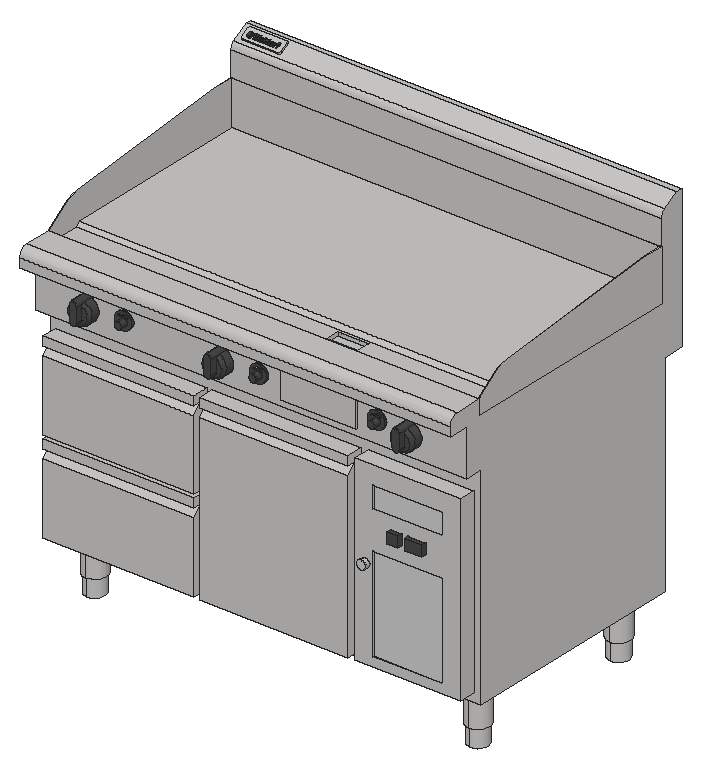
Revit family "QF_MOFFAT WALDORF_GP8120G-RB", category Specialty Equipment, Revit 2012
Parameters
  Width [instance] = 47.24409"  # constant formula
  Weight in Pounds = 533.518  # constant formula
  Watts = 250 W
  Volts = 240 V
  URL Cutsheet = "www.moffat.com"
  URL = "www.moffat.com"
  Type Mark [instance] = ""
  Status [instance] = ""
  Specification by User [instance] = ""
  Specification by Manufacturer = ""
  Show Logo [instance] = yes
  Show Clearance [instance] = yes
  Show Casters [instance] = no
  Serial Number = ""
  Seismic Rating = ""
  SMACNA No = ""
  Revision Code [instance] = ""
  Refrigerant Type = "R134a"
  Phase = 1
  Omniclass Number and Title = ""
  Number of Poles = 1
  NAFEM Spec ID Number = ""
  Model = "GP8120G-RB"
  Min Ckt Ampacity = 0 A
  Mechanical Remarks [instance] = ""
  Mechanical Connection Type [instance] = ""
  Max Overcurrent Protection = 0 A
  Masterspec = ""
  Manufacturer = "MOFFAT WALDORF"
  Legs [instance] = not(Show Casters)  # yes
  Item Number [instance] = ""
  Installed By [instance] = ""
  Identify Quantity as Lot [instance] = yes
  Height [instance] = 20.86614"  # constant formula
  HP = ""
  Gas Size = 3/4"
  Gas RI Height [instance] = 0"
  Gas KW [instance] = 30
  Gas Input [instance] = 102364.0 Btu/h
  Gas Connection Height = 0"
  Furnished By [instance] = ""
  Foodservice Equipment Identifier [instance] = yes
  FL Amps = 1.8 A
  Elec Conn RI Height = 0"
  Elec Conn Connection Height = 0"
  Description = "GRIDDLE PLATE GAS ON REFRIGERATED BASE"
  Depth [instance] = 31.69291"  # constant formula
  Cycle = 50 Hz
  Conn Plug = ""
  Conn Conduit = yes
  CSI MasterFormat = ""
  CSI Master Format = ""
  Base Height [instance] = 5.90551"
  Apparent Power = if(Phase = 3, Volts * FL Amps * 1.73, Volts * FL Amps)  # 432 VA
Reference planes (in)
  plane 1 "BACK": y = 0
  plane 2: z = 0
  plane 3 "LEFT": x = 0
  plane 4 "RIGHT": x = 47.24409
  plane 5 "FRONT": y = -31.69291
  plane 6 "TOP": z = 44.48819
  plane 7 "Center Y": x = 23.62205
  plane 8 "Center X": y = -15.84646
  plane 9 "Base Height": z = 5.90551
  plane 10: x = 2.55906
  plane 11: x = 44.64567
  plane 12: z = 36.02362
  plane 13: x = 42.12598
  plane 14: x = 46.49606
  plane 15: x = 36.33858
  plane 16: z = 15.82677
  plane 17: z = 27.95276
  plane 18: y = -24.6063
  plane 19: y = -5.31496
Forms (in)
  Extrusion 1, solid, material "QF_Finishes_Stainless Steel"
    sketch origin (0, 0, 0) x (0, 1, 0) y (0, 0, 1)
      loop
        line (-31.69291, 35.07874) -> (-31.69291, 34.09449) -> (-29.48819, 34.09449) -> (-29.48819, 28.93701) -> (-27.51969, 28.93701) -> (-27.51969, 5.90551) -> (-2.32283, 5.90551) -> (-2.32283, 28.93701) -> (0, 28.93701) -> (0, 44.48819) -> (-0.64961, 44.48819) -> (-2.31138, 43.52877)
        arc (-2.31138, 43.52877) -> (-2.63679, 43.20335) -> (-2.75591, 42.75882) r 0.88906
        line (-2.75591, 42.75882) -> (-2.75591, 34.44882) -> (-27.75591, 34.44882) -> (-27.75591, 36.02362) -> (-30.74803, 36.02362)
        arc (-30.74803, 36.02362) -> (-31.41616, 35.74687) -> (-31.69291, 35.07874) r 0.94488
    from 0 to 47.24409
  Extrusion 2, solid, material "QF_Finishes_Stainless Steel"
    sketch origin (27.80512, 0.11811, 1.1811) x (1, 0, 0) y (0, 1, 0)
      loop
        circle (14.33071, -1.37795) r 0.5315
    from 26.77165 to 27.75591
  Revolve 3, solid, material "QF_Finishes_Black"
    sketch origin (5.90551, 0, 20.86116) x (0, 1, 0) y (0, 0, -1)
      loop
        line (-30.7874, -11.79134) -> (-29.88189, -11.79134) -> (-29.88189, -10.70866) -> (-29.48819, -10.70866) -> (-29.48819, -10.51181) -> (-31.22047, -10.51181) -> (-31.22047, -11.56107) -> (-30.7874, -11.79134)
      axis (-31.22047, -10.51181) -> (-29.48819, -10.51181)
    angle from 0 to 360
  Extrusion 4, solid, material "QF_Finishes_Black"
    sketch origin (11.34919, 0, 20.86737) x (-1, 0, 0) y (0, 0, -1)
      loop
        arc (5.83735, -10.03814) -> (5.44365, -9.64444) -> (5.04995, -10.03814) r 0.3937
        line (5.04995, -10.03814) -> (5.04995, -11.57357)
        arc (5.04995, -11.57357) -> (5.44365, -11.96727) -> (5.83735, -11.57357) r 0.3937
        line (5.83735, -11.57357) -> (5.83735, -10.03814)
    from 29.88189 to 31.81102
  Extrusion 5, solid, material "QF_Finishes_Stainless Steel"
    sketch origin (1.68504, -29.48819, 34.09449) x (0, 0, -1) y (1, 0, 0)
      loop
        line (1.04331, 25.19685) -> (4.4685, 25.19685) -> (4.4685, 33.46457) -> (1.04331, 33.46457) -> (1.04331, 25.19685)
    from 0 to 0.09843
  Extrusion 6, solid, material "QF_Finishes_Stainless Steel"
    sketch origin (1.68504, -29.58661, 34.09449) x (0, 0, -1) y (1, 0, 0)
      loop
        line (1.3189, 33.46457) -> (1.04331, 33.46457) -> (1.04331, 25.19685) -> (1.3189, 25.19685) -> (1.3189, 33.46457)
    from 0 to 0.19685
  Extrusion 7, solid, material "QF_Finishes_Black"
    sketch origin (0, -29.48819, 34.09449) x (0, 0, -1) y (1, 0, 0)
      loop
        circle (2.70669, 9.74409) r 0.94488
      loop
        arc (2.31694, 10.33124) -> (2.00055, 9.749) -> (2.30836, 9.16218) r 0.70345
        arc (2.30836, 9.16218) -> (2.32725, 9.15095) -> (2.34753, 9.15943) r 0.02445
        arc (2.34753, 9.15943) -> (2.40409, 9.26016) -> (2.41764, 9.37489) r 0.29507
        arc (2.41764, 9.37489) -> (2.4096, 9.41142) -> (2.39196, 9.44439) r 0.1367
        arc (2.39196, 9.44439) -> (2.30175, 9.73823) -> (2.38559, 10.03395) r 0.54277
        arc (2.38559, 10.03395) -> (2.41079, 10.08392) -> (2.42122, 10.13891) r 0.20083
        arc (2.42122, 10.13891) -> (2.40663, 10.23806) -> (2.35565, 10.32436) r 0.26029
        arc (2.35565, 10.32436) -> (2.33749, 10.33451) -> (2.31694, 10.33124) r 0.03175
    from 0 to 0.19685
  Extrusion 8, solid, material "QF_Finishes_Black"
    sketch origin (0, -29.68504, 34.09449) x (0, 0, -1) y (1, 0, 0)
      loop
        circle (2.84449, 9.74409) r 0.3937
    from 0 to 0.71853
  Revolve 9, solid, material "QF_Finishes_Black"
    sketch origin (41.33858, 0, 20.86116) x (0, 1, 0) y (0, 0, 1)
      loop
        line (-30.7874, 11.79134) -> (-31.22047, 11.56107) -> (-31.22047, 10.51181) -> (-29.48819, 10.51181) -> (-29.48819, 10.70866) -> (-29.88189, 10.70866) -> (-29.88189, 11.79134) -> (-30.7874, 11.79134)
      axis (-31.22047, 10.51181) -> (-29.48819, 10.51181)
    angle from 0 to 360
  Extrusion 10, solid, material "QF_Finishes_Black"
    sketch origin (35.8949, 0, 20.86737) x (1, 0, 0) y (0, 0, 1)
      loop
        line (5.83735, 10.03814) -> (5.83735, 11.57357)
        arc (5.83735, 11.57357) -> (5.44365, 11.96727) -> (5.04995, 11.57357) r 0.3937
        line (5.04995, 11.57357) -> (5.04995, 10.03814)
        arc (5.04995, 10.03814) -> (5.44365, 9.64444) -> (5.83735, 10.03814) r 0.3937
    from 29.88189 to 31.81102
  Extrusion 11, solid, material "QF_Finishes_Black"
    sketch origin (47.24409, -29.48819, 34.09449) x (0, 0, -1) y (1, 0, 0)
      loop
        circle (2.70669, -9.74409) r 0.94488
      loop
        arc (2.31694, -10.33124) -> (2.33749, -10.33451) -> (2.35565, -10.32436) r 0.03175
        arc (2.35565, -10.32436) -> (2.40663, -10.23806) -> (2.42122, -10.13891) r 0.26029
        arc (2.42122, -10.13891) -> (2.41079, -10.08392) -> (2.38559, -10.03395) r 0.20083
        arc (2.38559, -10.03395) -> (2.30175, -9.73823) -> (2.39196, -9.44439) r 0.54277
        arc (2.39196, -9.44439) -> (2.4096, -9.41142) -> (2.41764, -9.37489) r 0.1367
        arc (2.41764, -9.37489) -> (2.40409, -9.26016) -> (2.34753, -9.15943) r 0.29507
        arc (2.34753, -9.15943) -> (2.32725, -9.15095) -> (2.30836, -9.16218) r 0.02445
        arc (2.30836, -9.16218) -> (2.00055, -9.749) -> (2.31694, -10.33124) r 0.70345
    from 0 to 0.19685
  Extrusion 12, solid, material "QF_Finishes_Black"
    sketch origin (47.24409, -29.68504, 34.09449) x (0, 0, -1) y (1, 0, 0)
      loop
        circle (2.84449, -9.74409) r 0.3937
    from 0 to 0.71853
  Revolve 13, solid, material "QF_Finishes_Black"
    sketch origin (20.66929, 0, 20.86116) x (0, 1, 0) y (0, 0, -1)
      loop
        line (-30.7874, -11.79134) -> (-29.88189, -11.79134) -> (-29.88189, -10.70866) -> (-29.48819, -10.70866) -> (-29.48819, -10.51181) -> (-31.22047, -10.51181) -> (-31.22047, -11.56107) -> (-30.7874, -11.79134)
      axis (-31.22047, -10.51181) -> (-29.48819, -10.51181)
    angle from 0 to 360
  Extrusion 14, solid, material "QF_Finishes_Black"
    sketch origin (26.11297, 0, 20.86737) x (-1, 0, 0) y (0, 0, -1)
      loop
        arc (5.83735, -10.03814) -> (5.44365, -9.64444) -> (5.04995, -10.03814) r 0.3937
        line (5.04995, -10.03814) -> (5.04995, -11.57357)
        arc (5.04995, -11.57357) -> (5.44365, -11.96727) -> (5.83735, -11.57357) r 0.3937
        line (5.83735, -11.57357) -> (5.83735, -10.03814)
    from 29.88189 to 31.81102
  Extrusion 15, solid, material "QF_Finishes_Black"
    sketch origin (14.76378, -29.48819, 34.09449) x (0, 0, -1) y (1, 0, 0)
      loop
        circle (2.70669, 9.74409) r 0.94488
      loop
        arc (2.31694, 10.33124) -> (2.00055, 9.749) -> (2.30836, 9.16218) r 0.70345
        arc (2.30836, 9.16218) -> (2.32725, 9.15095) -> (2.34753, 9.15943) r 0.02445
        arc (2.34753, 9.15943) -> (2.40409, 9.26016) -> (2.41764, 9.37489) r 0.29507
        arc (2.41764, 9.37489) -> (2.4096, 9.41142) -> (2.39196, 9.44439) r 0.1367
        arc (2.39196, 9.44439) -> (2.30175, 9.73823) -> (2.38559, 10.03395) r 0.54277
        arc (2.38559, 10.03395) -> (2.41079, 10.08392) -> (2.42122, 10.13891) r 0.20083
        arc (2.42122, 10.13891) -> (2.40663, 10.23806) -> (2.35565, 10.32436) r 0.26029
        arc (2.35565, 10.32436) -> (2.33749, 10.33451) -> (2.31694, 10.33124) r 0.03175
    from 0 to 0.19685
  Extrusion 16, solid, material "QF_Finishes_Black"
    sketch origin (14.76378, -29.68504, 34.09449) x (0, 0, -1) y (1, 0, 0)
      loop
        circle (2.84449, 9.74409) r 0.3937
    from 0 to 0.71853
  Revolve 17, solid, material "QF_Finishes_Stainless Steel", visible <- "Legs"
    sketch origin (44.6063, -9.64567, 0) x (0, 1, 0) y (0, 0, -1)
      loop
        line (3.08071, -5.90551) -> (4.33071, -5.90551) -> (4.33071, 0) -> (3.24803, 0) -> (3.24803, -1.9685) -> (3.08071, -1.9685) -> (3.08071, -5.90551)
      axis (4.33071, -5.90551) -> (4.33071, 0)
    angle from 0 to 360
  Revolve 18, solid, material "QF_Finishes_Stainless Steel"
    sketch origin (44.6063, -28.93701, 0) x (0, 1, 0) y (0, 0, -1)
      loop
        line (3.08071, -5.90551) -> (4.33071, -5.90551) -> (4.33071, 0) -> (3.24803, 0) -> (3.24803, -1.9685) -> (3.08071, -1.9685) -> (3.08071, -5.90551)
      axis (4.33071, -5.90551) -> (4.33071, 0)
    angle from 0 to 360
  Revolve 19, solid, material "QF_Finishes_Stainless Steel", visible <- "Legs"
    sketch origin (2.55906, -9.64567, 0) x (0, 1, 0) y (0, 0, -1)
      loop
        line (3.08071, -5.90551) -> (4.33071, -5.90551) -> (4.33071, 0) -> (3.24803, 0) -> (3.24803, -1.9685) -> (3.08071, -1.9685) -> (3.08071, -5.90551)
      axis (4.33071, -5.90551) -> (4.33071, 0)
    angle from 0 to 360
  Revolve 20, solid, material "QF_Finishes_Stainless Steel"
    sketch origin (2.55906, -28.93701, 0) x (0, 1, 0) y (0, 0, -1)
      loop
        line (3.08071, -5.90551) -> (4.33071, -5.90551) -> (4.33071, 0) -> (3.24803, 0) -> (3.24803, -1.9685) -> (3.08071, -1.9685) -> (3.08071, -5.90551)
      axis (4.33071, -5.90551) -> (4.33071, 0)
    angle from 0 to 360
  Extrusion 21, solid, material "QF_Finishes_Stainless Steel"
    sketch origin (0, 0, 0) x (0, 1, 0) y (0, 0, 1)
      loop
        line (-29.50787, 26.64567) -> (-29.50787, 25.66142) -> (-28.52362, 25.66142) -> (-29.50787, 24.67717) -> (-29.50787, 16.92126) -> (-27.74331, 16.92126) -> (-27.74331, 26.64567) -> (-29.50787, 26.64567)
      loop
        line (-29.50787, 16.52756) -> (-29.50787, 15.54331) -> (-28.52362, 15.54331) -> (-29.50787, 14.55906) -> (-29.50787, 6.80315) -> (-27.74331, 6.80315) -> (-27.74331, 16.52756) -> (-29.50787, 16.52756)
    from 0.74803 to 17.28346
  Extrusion 22, solid, material "QF_Finishes_Stainless Steel"
    sketch origin (0, -27.51969, 28.93701) x (0, 0, 1) y (-1, 0, 0)
      loop
        line (-2.29134, -46.49606) -> (-2.29134, -34.92126) -> (-22.13386, -34.92126) -> (-22.13386, -46.49606) -> (-2.29134, -46.49606)
      loop
        line (-21.14961, -44.52756) -> (-10.71654, -44.52756) -> (-10.71654, -36.88976) -> (-21.14961, -36.88976) -> (-21.14961, -44.52756)
      loop
        line (-4.25984, -44.52756) -> (-4.25984, -36.88976) -> (-6.62205, -36.88976) -> (-6.62205, -44.52756) -> (-4.25984, -44.52756)
    from 0 to 1.88976
  Extrusion 23, solid, material "QF_Finishes_Vents"
    sketch origin (0, -27.51969, 28.93701) x (0, 0, -1) y (-1, 0, 0)
      loop
        line (6.62205, -36.88976) -> (4.25984, -36.88976) -> (4.25984, -44.52756) -> (6.62205, -44.52756) -> (6.62205, -36.88976)
      loop
        line (10.71654, -36.88976) -> (10.71654, -44.52756) -> (21.14961, -44.52756) -> (21.14961, -36.88976) -> (10.71654, -36.88976)
    from 0 to -1.75312
  Extrusion 24, solid, material "QF_Door-Drawer Clearances", visible <- "Show Clearance", detail levels coarse
    sketch origin (0, -29.50787, 6.80315) x (0, 0, 1) y (-1, 0, 0)
      loop
        line (0, -0.74803) -> (0, -17.28346) -> (9.72441, -17.28346) -> (9.72441, -0.74803) -> (0, -0.74803)
      loop
        line (10.11811, -0.74803) -> (10.11811, -17.28346) -> (19.84252, -17.28346) -> (19.84252, -0.74803) -> (10.11811, -0.74803)
    from 0 to 12
  Extrusion 25, solid, material "QF_Finishes_Stainless Steel"
    sketch origin (47.24409, 0, 0) x (0, -1, 0) y (0, 0, 1)
      loop
        line (27.74331, 6.80315) -> (29.50787, 6.80315) -> (29.50787, 24.67717) -> (28.52362, 25.66142) -> (29.50787, 25.66142) -> (29.50787, 26.64567) -> (27.74331, 26.64567) -> (27.74331, 6.80315)
    from 13.02638 to 29.31027
  Extrusion 26, solid, material "QF_Door-Drawer Clearances", visible <- "Show Clearance", detail levels coarse
    sketch origin (47.24409, -29.50787, 6.80315) x (1, 0, 0) y (0, -1, 0)
      loop
        line (-29.31027, 0) -> (-13.02638, 0) -> (-13.02638, 16.28388)
        arc (-13.02638, 16.28388) -> (-24.54083, 11.51444) -> (-29.31027, 0) r 16.28388
    from 0 to -19.84252
  Extrusion 27, solid, material "QF_Finishes_Black"
    sketch origin (0, -29.40945, 28.93701) x (0, 0, 1) y (-1, 0, 0)
      loop
        line (-7.93148, -38.87506) -> (-9.11259, -38.87506) -> (-9.11259, -40.05616) -> (-7.93148, -40.05616) -> (-7.93148, -38.87506)
      loop
        line (-7.93148, -40.74816) -> (-9.11259, -40.74816) -> (-9.11259, -42.65021) -> (-7.93148, -42.65021) -> (-7.93148, -40.74816)
    from 0 to 0.5
  Extrusion 28, solid, material "QF_Finishes_Stainless Steel"
    sketch origin (0, -29.40945, 28.93701) x (0, 0, 1) y (-1, 0, 0)
      loop
        circle (-12.21375, -36.01796) r 0.488
    from 0 to 0.5
  Extrusion 29, solid, material "QF_Finishes_Stainless Steel"
    sketch origin (0, 0, 28.93701) x (0, 0, 1) y (1, 0, 0)
      loop
        circle (-13.11024, 36.33858) r 0.5315
    from 0 to 0.12598
Lines and regions (in)
  Split face 1
    outline origin (1.93159, -0.77746, 44.41437) x (0, -0.866025, -0.5) y (1, 0, 0)
      loop
        line (0.0562, 4.15354) -> (1.41087, 4.15354) -> (1.41087, 4.94094) -> (0.0562, 4.94094) -> (0.0562, 4.15354)
  Split face 2
    outline origin (3.9001, -0.77746, 44.41437) x (0, -0.866025, -0.5) y (1, 0, 0)
      loop
        line (0.0562, 4.15354) -> (1.41087, 4.15354) -> (1.41087, 4.94094) -> (0.0562, 4.94094) -> (0.0562, 4.15354)
  Split face 3
    outline origin (5.8686, -0.77746, 44.41437) x (0, -0.866025, -0.5) y (1, 0, 0)
      loop
        line (0.0562, 4.15354) -> (1.41087, 4.15354) -> (1.41087, 4.94094) -> (0.0562, 4.94094) -> (0.0562, 4.15354)
  Split face 4
    outline origin (7.83711, -0.77746, 44.41437) x (0, -0.866025, -0.5) y (1, 0, 0)
      loop
        line (0.0562, 4.15354) -> (1.41087, 4.15354) -> (1.41087, 4.94094) -> (0.0562, 4.94094) -> (0.0562, 4.15354)
  Split face 5
    outline origin (9.80561, -0.77746, 44.41437) x (0, -0.866025, -0.5) y (1, 0, 0)
      loop
        line (0.0562, 4.15354) -> (1.41087, 4.15354) -> (1.41087, 4.94094) -> (0.0562, 4.94094) -> (0.0562, 4.15354)
  Split face 6
    outline origin (11.77411, -0.77746, 44.41437) x (0, -0.866025, -0.5) y (1, 0, 0)
      loop
        line (0.0562, 4.15354) -> (1.41087, 4.15354) -> (1.41087, 4.94094) -> (0.0562, 4.94094) -> (0.0562, 4.15354)
  Split face 7
    outline origin (2.03002, -0.77746, 44.41437) x (0, -0.866025, -0.5) y (1, 0, 0)
      loop
        line (0.0562, 15.96457) -> (1.41087, 15.96457) -> (1.41087, 16.75197) -> (0.0562, 16.75197) -> (0.0562, 15.96457)
  Split face 8
    outline origin (3.99852, -0.77746, 44.41437) x (0, -0.866025, -0.5) y (1, 0, 0)
      loop
        line (0.0562, 15.96457) -> (1.41087, 15.96457) -> (1.41087, 16.75197) -> (0.0562, 16.75197) -> (0.0562, 15.96457)
  Split face 9
    outline origin (5.96703, -0.77746, 44.41437) x (0, -0.866025, -0.5) y (1, 0, 0)
      loop
        line (0.0562, 15.96457) -> (1.41087, 15.96457) -> (1.41087, 16.75197) -> (0.0562, 16.75197) -> (0.0562, 15.96457)
  Split face 10
    outline origin (7.93553, -0.77746, 44.41437) x (0, -0.866025, -0.5) y (1, 0, 0)
      loop
        line (0.0562, 15.96457) -> (1.41087, 15.96457) -> (1.41087, 16.75197) -> (0.0562, 16.75197) -> (0.0562, 15.96457)
  Split face 11
    outline origin (9.90404, -0.77746, 44.41437) x (0, -0.866025, -0.5) y (1, 0, 0)
      loop
        line (0.0562, 15.96457) -> (1.41087, 15.96457) -> (1.41087, 16.75197) -> (0.0562, 16.75197) -> (0.0562, 15.96457)
  Split face 12
    outline origin (11.87254, -0.77746, 44.41437) x (0, -0.866025, -0.5) y (1, 0, 0)
      loop
        line (0.0562, 15.96457) -> (1.41087, 15.96457) -> (1.41087, 16.75197) -> (0.0562, 16.75197) -> (0.0562, 15.96457)
  Split face 13
    outline origin (13.84104, -0.77746, 44.41437) x (0, -0.866025, -0.5) y (1, 0, 0)
      loop
        line (0.0562, 15.96457) -> (1.41087, 15.96457) -> (1.41087, 16.75197) -> (0.0562, 16.75197) -> (0.0562, 15.96457)
  Split face 14
    outline origin (15.83899, -0.77746, 44.41437) x (0, -0.866025, -0.5) y (1, 0, 0)
      loop
        line (0.0562, 15.96457) -> (1.41087, 15.96457) -> (1.41087, 16.75197) -> (0.0562, 16.75197) -> (0.0562, 15.96457)
  Split face 15
    outline origin (17.8075, -0.77746, 44.41437) x (0, -0.866025, -0.5) y (1, 0, 0)
      loop
        line (0.0562, 15.96457) -> (1.41087, 15.96457) -> (1.41087, 16.75197) -> (0.0562, 16.75197) -> (0.0562, 15.96457)
  symbolic lines, visible <- "Show Logo"
    curve 1: line (0.49213, -2.04962, 0) -> (0.49213, -0.83067, 0)
    curve 2: line (4.78346, -0.83067, 0) -> (4.78346, -2.04962, 0)
    curve 3: line (0.49213, -0.83067, 0) -> (4.78346, -0.83067, 0)
    curve 4: line (0.49213, -2.04962, 0) -> (4.78346, -2.04962, 0)
  symbolic lines
    curve 5: line (6.08514, -1.99931, 0) -> (6.08514, -0.82613, 0)
    curve 6: line (6.08514, -0.82613, 0) -> (6.87254, -0.82613, 0)
    curve 7: line (6.87254, -0.82613, 0) -> (6.87254, -1.99931, 0)
    curve 8: line (6.87254, -1.99931, 0) -> (6.08514, -1.99931, 0)
    curve 9: line (8.05364, -0.82613, 0) -> (8.05364, -1.99931, 0)
    curve 10: line (8.05364, -1.99931, 0) -> (8.84104, -1.99931, 0)
    curve 11: line (8.84104, -1.99931, 0) -> (8.84104, -0.82613, 0)
    curve 12: line (8.84104, -0.82613, 0) -> (8.05364, -0.82613, 0)
    curve 13: line (10.02215, -0.82613, 0) -> (10.02215, -1.99931, 0)
    curve 14: line (10.02215, -1.99931, 0) -> (10.80955, -1.99931, 0)
    curve 15: line (10.80955, -1.99931, 0) -> (10.80955, -0.82613, 0)
    curve 16: line (10.80955, -0.82613, 0) -> (10.02215, -0.82613, 0)
    curve 17: line (0, -31.69291, 0) -> (47.24409, -31.69291, 0)
    curve 18: line (0, 0, 0) -> (0, -31.69291, 0)
    curve 19: line (47.24409, 0, 0) -> (0, 0, 0)
    curve 20: line (0, -2.75591, 0) -> (47.24409, -2.75591, 0)
    curve 21: line (47.24409, -27.75591, 0) -> (0, -27.75591, 0)
    curve 22: line (11.99065, -0.82613, 0) -> (11.99065, -1.99931, 0)
    curve 23: line (11.99065, -1.99931, 0) -> (12.77805, -1.99931, 0)
    curve 24: line (12.77805, -1.99931, 0) -> (12.77805, -0.82613, 0)
    curve 25: line (12.77805, -0.82613, 0) -> (11.99065, -0.82613, 0)
    curve 26: line (13.95915, -0.82613, 0) -> (13.95915, -1.99931, 0)
    curve 27: line (13.95915, -1.99931, 0) -> (14.74656, -1.99931, 0)
    curve 28: line (14.74656, -1.99931, 0) -> (14.74656, -0.82613, 0)
    curve 29: line (14.74656, -0.82613, 0) -> (13.95915, -0.82613, 0)
    curve 30: line (15.92766, -0.82613, 0) -> (15.92766, -1.99931, 0)
    curve 31: line (15.92766, -1.99931, 0) -> (16.71506, -1.99931, 0)
    curve 32: line (16.71506, -1.99931, 0) -> (16.71506, -0.82613, 0)
    curve 33: line (16.71506, -0.82613, 0) -> (15.92766, -0.82613, 0)
    curve 34: line (17.99459, -0.82613, 0) -> (17.99459, -1.99931, 0)
    curve 35: line (17.99459, -1.99931, 0) -> (18.78199, -1.99931, 0)
    curve 36: line (18.78199, -1.99931, 0) -> (18.78199, -0.82613, 0)
    curve 37: line (18.78199, -0.82613, 0) -> (17.99459, -0.82613, 0)
    curve 38: line (19.96309, -0.82613, 0) -> (19.96309, -1.99931, 0)
    curve 39: line (19.96309, -1.99931, 0) -> (20.75049, -1.99931, 0)
    curve 40: line (20.75049, -1.99931, 0) -> (20.75049, -0.82613, 0)
    curve 41: line (20.75049, -0.82613, 0) -> (19.96309, -0.82613, 0)
    curve 42: line (21.93159, -1.99931, 0) -> (22.719, -1.99931, 0)
    curve 43: line (22.719, -1.99931, 0) -> (22.719, -0.82613, 0)
    curve 44: line (22.719, -0.82613, 0) -> (21.93159, -0.82613, 0)
    curve 45: line (21.93159, -0.82613, 0) -> (21.93159, -1.99931, 0)
    curve 46: line (23.9001, -1.99931, 0) -> (24.6875, -1.99931, 0)
    curve 47: line (24.6875, -1.99931, 0) -> (24.6875, -0.82613, 0)
    curve 48: line (24.6875, -0.82613, 0) -> (23.9001, -0.82613, 0)
    curve 49: line (23.9001, -0.82613, 0) -> (23.9001, -1.99931, 0)
    curve 50: line (26.656, -1.99931, 0) -> (25.8686, -1.99931, 0)
    curve 51: line (25.8686, -1.99931, 0) -> (25.8686, -0.82613, 0)
    curve 52: line (25.8686, -0.82613, 0) -> (26.656, -0.82613, 0)
    curve 53: line (26.656, -0.82613, 0) -> (26.656, -1.99931, 0)
    curve 54: line (27.83711, -1.99931, 0) -> (28.62451, -1.99931, 0)
    curve 55: line (28.62451, -1.99931, 0) -> (28.62451, -0.82613, 0)
    curve 56: line (28.62451, -0.82613, 0) -> (27.83711, -0.82613, 0)
    curve 57: line (27.83711, -0.82613, 0) -> (27.83711, -1.99931, 0)
    curve 58: line (29.80561, -1.99931, 0) -> (30.59301, -1.99931, 0)
    curve 59: line (30.59301, -1.99931, 0) -> (30.59301, -0.82613, 0)
    curve 60: line (30.59301, -0.82613, 0) -> (29.80561, -0.82613, 0)
    curve 61: line (29.80561, -0.82613, 0) -> (29.80561, -1.99931, 0)
    curve 62: line (31.80356, -1.99931, 0) -> (32.59096, -1.99931, 0)
    curve 63: line (32.59096, -1.99931, 0) -> (32.59096, -0.82613, 0)
    curve 64: line (32.59096, -0.82613, 0) -> (31.80356, -0.82613, 0)
    curve 65: line (31.80356, -0.82613, 0) -> (31.80356, -1.99931, 0)
    curve 66: line (33.77207, -1.99931, 0) -> (34.55947, -1.99931, 0)
    curve 67: line (34.55947, -1.99931, 0) -> (34.55947, -0.82613, 0)
    curve 68: line (34.55947, -0.82613, 0) -> (33.77207, -0.82613, 0)
    curve 69: line (33.77207, -0.82613, 0) -> (33.77207, -1.99931, 0)
    curve 75: line (47.24409, -31.69291, 0) -> (47.24409, 0, 0)
  symbolic lines, style "QF_Door-Drawer Clearances"
    curve 70: line (0.74803, -31.69291, 5.90551) -> (0.74803, -41.50787, 5.90551)
    curve 71: line (0.74803, -41.50787, 5.90551) -> (17.28346, -41.50787, 5.90551)
    curve 72: line (17.28346, -41.50787, 5.90551) -> (17.28346, -31.69291, 5.90551)
    curve 73: arc (20.87874, -38.84793, 5.90551) -> (19.04123, -35.41036, 5.90551) -> (18.0733, -31.6346, 5.90551) r 16.28388
    curve 74: line (31.19876, -31.62177, 5.90551) -> (20.87874, -38.84793, 5.90551)
Dimensions and locks (in)
  equal spacing: plane 3 "LEFT", plane 7 "Center Y", plane 4 "RIGHT"
  "Width": plane 3 "LEFT" to plane 4 "RIGHT"
  equal spacing: plane 5 "FRONT", plane 8 "Center X", plane 1 "BACK"
  "Depth": plane 5 "FRONT" to plane 1 "BACK"
  "Base Height": plane 9 "Base Height" to level
  plane 6 "TOP" to level = 44.48819"
  plane 11 to plane 10 = 42.08661"
  plane 12 to level = 36.02362"
  plane 13 to plane 4 "RIGHT" = 5.11811"
  Extrusion 22 sketch curve to Extrusion 22 sketch curve = 11.5748"
  plane 15 to plane 4 "RIGHT" = 10.90551"
  plane 16 to level = 15.82677"
  plane 17 to level = 27.95276"
  plane 18 to plane 19 = 19.29134"
  aligned and locked: level to plane 2
Automatic sketch dimensions
  curve 17 to plane 3 "LEFT" = 0"
  plane 1 "BACK" to curve 19 = 0"
  curve 19 to plane 4 "RIGHT" = 0"
  plane 5 "FRONT" to curve 17 = 0"
  plane 3 "LEFT" to curve 1 = 0.49213"
  plane 10 to curve 4 = 2.22441"
  curve 2 to curve 6 = 1.30167"
  curve 5 to curve 8 = 0.7874"
  curve 6 to curve 12 = 1.1811"
  curve 9 to curve 10 = 0.7874"
  curve 11 to curve 16 = 1.1811"
  curve 13 to curve 15 = 0.7874"
  curve 15 to curve 22 = 1.1811"
  curve 22 to curve 24 = 0.7874"
  curve 23 to curve 26 = 1.1811"
  curve 26 to curve 27 = 0.7874"
  curve 27 to curve 30 = 1.1811"
  curve 30 to curve 32 = 0.7874"
  curve 31 to curve 34 = 1.27953"
  curve 34 to curve 35 = 0.7874"
  curve 36 to curve 38 = 1.1811"
  curve 38 to curve 41 = 0.7874"
  curve 39 to curve 42 = 1.1811"
  curve 44 to curve 43 = 0.7874"
  plane 7 "Center Y" to curve 48 = 0.27805"
  curve 46 to curve 46 = 0.7874"
  curve 47 to curve 52 = 1.1811"
  curve 51 to curve 53 = 0.7874"
  curve 50 to curve 54 = 1.1811"
  curve 56 to curve 56 = 0.7874"
  curve 55 to curve 61 = 1.1811"
  curve 58 to curve 58 = 0.7874"
  curve 58 to curve 62 = 1.21055"
  curve 62 to curve 62 = 0.7874"
  curve 63 to curve 68 = 1.1811"
  curve 66 to curve 66 = 0.7874"
  curve 21 to plane 5 "FRONT" = 3.93701"
  curve 20 to curve 19 = 2.75591"
  plane 1 "BACK" to curve 2 = 2.04962"
  plane 1 "BACK" to curve 7 = 1.99931"
  plane 1 "BACK" to curve 59 = 1.99931"
  curve 7 to curve 9 = 0"
  curve 57 to curve 58 = 0"
  curve 10 to curve 13 = 0"
  curve 53 to curve 54 = 0"
  curve 58 to curve 62 = 0"
  curve 62 to curve 66 = 0"
  curve 49 to curve 50 = 0"
  curve 14 to curve 22 = 0"
  curve 45 to curve 46 = 0"
  curve 23 to curve 26 = 0"
  curve 40 to curve 42 = 0"
  curve 27 to curve 30 = 0"
  curve 36 to curve 38 = 0"
  plane 1 "BACK" to curve 2 = 0.83067"
  plane 1 "BACK" to curve 33 = 0.82613"
  plane 1 "BACK" to curve 40 = 0.82613"
  plane 1 "BACK" to curve 29 = 0.82613"
  plane 1 "BACK" to curve 43 = 0.82613"
  plane 1 "BACK" to curve 25 = 0.82613"
  plane 1 "BACK" to curve 47 = 0.82613"
  plane 1 "BACK" to curve 69 = 0.82613"
  plane 1 "BACK" to curve 52 = 0.82613"
  plane 1 "BACK" to curve 16 = 0.82613"
  plane 1 "BACK" to curve 55 = 0.82613"
  plane 1 "BACK" to curve 12 = 0.82613"
  plane 1 "BACK" to curve 59 = 0.82613"
  plane 1 "BACK" to curve 7 = 0.82613"
  plane 1 "BACK" to curve 63 = 0.82613"
  plane 1 "BACK" to curve 37 = 0.82613"
  plane 1 "BACK" to Extrusion 2 sketch curve = 1.25984"
  plane 11 to Extrusion 2 sketch curve = 2.50984"
  Revolve 3 sketch curve to plane 5 "FRONT" = 0.47244"
  Revolve 3 sketch curve to Revolve 3 sketch curve = 0"  (x2)
  Revolve 3 sketch curve to Revolve 3 sketch curve = 0.43307"
  Revolve 3 sketch curve to Revolve 3 sketch curve = 1/2"
  Revolve 3 sketch curve to Revolve 3 sketch curve = 0.90551"
  Revolve 3 sketch curve to Revolve 3 sketch curve = 0.3937"
  Revolve 3 sketch curve to plane 6 "TOP" = 11.83569"
  Revolve 3 sketch curve to Revolve 3 sketch curve = 0.23027"
  Revolve 3 sketch curve to Revolve 3 sketch curve = 1.08268"
  Revolve 3 sketch curve to Revolve 3 sketch curve = 0.19685"
  plane 10 to Extrusion 4 sketch curve = 3.74019"
  Extrusion 4 sketch curve to Extrusion 4 sketch curve = 0.3937"
  Extrusion 4 sketch curve to plane 6 "TOP" = 12.04724"
  Extrusion 4 sketch curve to Extrusion 4 sketch curve = 1.53543"
  Extrusion 1 to Split face 1 sketch curve = 0.20384"
  Split face 1 sketch curve to Extrusion 1 = 0.36034"
  Split face 1 sketch curve to Extrusion 1 = 6.08514"
  Split face 1 sketch curve to Split face 1 sketch curve = 0.7874"
  Extrusion 1 to Split face 2 sketch curve = 0.20384"
  Split face 2 sketch curve to Extrusion 1 = 0.36034"
  Split face 2 sketch curve to Extrusion 1 = 8.05364"
  Split face 2 sketch curve to Split face 2 sketch curve = 0.7874"
  Extrusion 1 to Split face 3 sketch curve = 0.20384"
  Split face 3 sketch curve to Extrusion 1 = 0.36034"
  Split face 3 sketch curve to Extrusion 1 = 10.02215"
  Split face 3 sketch curve to Split face 3 sketch curve = 0.7874"
  Extrusion 1 to Extrusion 5 sketch curve = 1.04331"
  Extrusion 5 sketch curve to Extrusion 1 = 0.68898"
  Extrusion 1 to Extrusion 5 sketch curve = 20.3622"
  Extrusion 5 sketch curve to Extrusion 5 sketch curve = 8.26772"
  Extrusion 6 sketch curve to Extrusion 5 = 0"  (x2)
  Extrusion 5 to Extrusion 6 sketch curve = 0"
  Extrusion 6 sketch curve to Extrusion 6 sketch curve = 0.27559"
  Extrusion 1 to Extrusion 7 sketch curve = 2.1235"
  Extrusion 7 sketch curve to Extrusion 7 sketch curve = 0.03772"
  Extrusion 7 sketch curve to Extrusion 7 sketch curve = 0.0594"
  Extrusion 7 sketch curve to Extrusion 7 sketch curve = 0.15788"
  Extrusion 7 sketch curve to Extrusion 7 sketch curve = 0.02698"
  Extrusion 7 sketch curve to Extrusion 7 sketch curve = 0.09632"
  Extrusion 7 sketch curve to Extrusion 7 sketch curve = 0.02061"
  Extrusion 7 sketch curve to Extrusion 7 sketch curve = 0.015"
  Extrusion 7 sketch curve to Extrusion 7 sketch curve = 0.01857"
  Extrusion 7 sketch curve to Extrusion 7 sketch curve = 0"  (x5)
  Extrusion 7 sketch curve to Extrusion 7 sketch curve = 0.02372"
  Extrusion 7 sketch curve to Extrusion 7 sketch curve = 0.16497"
  Extrusion 7 sketch curve to Extrusion 7 sketch curve = 0.11058"
  Extrusion 7 sketch curve to Extrusion 7 sketch curve = 0.02568"
  Extrusion 7 sketch curve to Extrusion 7 sketch curve = 0.03563"
  Extrusion 7 sketch curve to Extrusion 7 sketch curve = 0.31839"
  Extrusion 7 sketch curve to Extrusion 7 sketch curve = 0.00271"
  Extrusion 7 sketch curve to Extrusion 7 sketch curve = 0.1378"
  Extrusion 1 to Extrusion 7 sketch curve = 9.15943"
  Extrusion 7 sketch curve to Extrusion 7 sketch curve = 0.00276"
  Extrusion 7 sketch curve to Extrusion 7 sketch curve = 0.29944"
  Extrusion 7 sketch curve to Extrusion 7 sketch curve = 0.00026"
  Extrusion 1 to Split face 4 sketch curve = 0.20384"
  Split face 4 sketch curve to Extrusion 1 = 0.36034"
  Split face 4 sketch curve to Extrusion 1 = 11.99065"
  Split face 4 sketch curve to Split face 4 sketch curve = 0.7874"
  Extrusion 1 to Split face 5 sketch curve = 0.20384"
  Split face 5 sketch curve to Extrusion 1 = 0.36034"
  Split face 5 sketch curve to Extrusion 1 = 13.95915"
  Split face 5 sketch curve to Split face 5 sketch curve = 0.7874"
  Extrusion 1 to Split face 6 sketch curve = 0.20384"
  Split face 6 sketch curve to Extrusion 1 = 0.36034"
  Split face 6 sketch curve to Extrusion 1 = 15.92766"
  Split face 6 sketch curve to Split face 6 sketch curve = 0.7874"
  Extrusion 1 to Split face 7 sketch curve = 0.20384"
  Split face 7 sketch curve to Extrusion 1 = 0.36034"
  Split face 7 sketch curve to Extrusion 1 = 17.99459"
  Split face 7 sketch curve to Split face 7 sketch curve = 0.7874"
  Extrusion 1 to Split face 8 sketch curve = 0.20384"
  Split face 8 sketch curve to Extrusion 1 = 0.36034"
  Split face 8 sketch curve to Extrusion 1 = 19.96309"
  Split face 8 sketch curve to Split face 8 sketch curve = 0.7874"
  Extrusion 1 to Split face 9 sketch curve = 0.20384"
  Split face 9 sketch curve to Extrusion 1 = 0.36034"
  Split face 9 sketch curve to Extrusion 1 = 21.93159"
  Split face 9 sketch curve to Split face 9 sketch curve = 0.7874"
  Extrusion 1 to Split face 10 sketch curve = 0.20384"
  Split face 10 sketch curve to Extrusion 1 = 0.36034"
  Split face 10 sketch curve to Extrusion 1 = 23.344"
  Split face 10 sketch curve to Split face 10 sketch curve = 0.7874"
  Extrusion 1 to Split face 11 sketch curve = 0.20384"
  Split face 11 sketch curve to Extrusion 1 = 0.36034"
  Split face 11 sketch curve to Extrusion 1 = 21.37549"
  Split face 11 sketch curve to Split face 11 sketch curve = 0.7874"
  Revolve 9 sketch curve to plane 5 "FRONT" = 0.47244"
  Revolve 9 sketch curve to Revolve 9 sketch curve = 0"  (x2)
  Revolve 9 sketch curve to Revolve 9 sketch curve = 0.43307"
  Revolve 9 sketch curve to Revolve 9 sketch curve = 1/2"
  Revolve 9 sketch curve to Revolve 9 sketch curve = 0.90551"
  Revolve 9 sketch curve to Revolve 9 sketch curve = 0.3937"
  Revolve 9 sketch curve to plane 6 "TOP" = 13.11522"
  Revolve 9 sketch curve to Revolve 9 sketch curve = 0.19685"
  Revolve 9 sketch curve to Revolve 9 sketch curve = 1.04926"
  Revolve 9 sketch curve to Revolve 9 sketch curve = 0.23027"
  plane 11 to Extrusion 10 sketch curve = 3.70082"
  Extrusion 10 sketch curve to Extrusion 10 sketch curve = 0.3937"
  Extrusion 10 sketch curve to plane 6 "TOP" = 13.58268"
  Extrusion 10 sketch curve to Extrusion 10 sketch curve = 1.53543"
  Extrusion 1 to Extrusion 11 sketch curve = 2.1235"
  Extrusion 11 sketch curve to Extrusion 11 sketch curve = 0.03772"
  Extrusion 11 sketch curve to Extrusion 11 sketch curve = 0.0594"
  Extrusion 11 sketch curve to Extrusion 11 sketch curve = 0.15788"
  Extrusion 11 sketch curve to Extrusion 11 sketch curve = 0.02698"
  Extrusion 11 sketch curve to Extrusion 11 sketch curve = 0.09632"
  Extrusion 11 sketch curve to Extrusion 11 sketch curve = 0.02061"
  Extrusion 11 sketch curve to Extrusion 11 sketch curve = 0.015"
  Extrusion 11 sketch curve to Extrusion 11 sketch curve = 0.01857"
  Extrusion 11 sketch curve to Extrusion 11 sketch curve = 0"  (x5)
  Extrusion 11 sketch curve to Extrusion 11 sketch curve = 0.02372"
  Extrusion 11 sketch curve to Extrusion 11 sketch curve = 0.16497"
  Extrusion 11 sketch curve to Extrusion 11 sketch curve = 0.11058"
  Extrusion 11 sketch curve to Extrusion 11 sketch curve = 0.02568"
  Extrusion 11 sketch curve to Extrusion 11 sketch curve = 0.03563"
  Extrusion 11 sketch curve to Extrusion 11 sketch curve = 0.31839"
  Extrusion 11 sketch curve to Extrusion 11 sketch curve = 0.00271"
  Extrusion 11 sketch curve to Extrusion 11 sketch curve = 0.1378"
  Extrusion 1 to Extrusion 11 sketch curve = 10.33124"
  Extrusion 11 sketch curve to Extrusion 11 sketch curve = 0.00688"
  Extrusion 11 sketch curve to Extrusion 11 sketch curve = 0.28986"
  Extrusion 11 sketch curve to Extrusion 11 sketch curve = 0.00026"
  Revolve 13 sketch curve to plane 5 "FRONT" = 0.47244"
  Revolve 13 sketch curve to Revolve 13 sketch curve = 0"  (x2)
  Revolve 13 sketch curve to Revolve 13 sketch curve = 0.43307"
  Revolve 13 sketch curve to Revolve 13 sketch curve = 1/2"
  Revolve 13 sketch curve to Revolve 13 sketch curve = 0.90551"
  Revolve 13 sketch curve to Revolve 13 sketch curve = 0.3937"
  Revolve 13 sketch curve to plane 6 "TOP" = 11.83569"
  Revolve 13 sketch curve to Revolve 13 sketch curve = 0.23027"
  Revolve 13 sketch curve to Revolve 13 sketch curve = 1.08268"
  Revolve 13 sketch curve to Revolve 13 sketch curve = 0.19685"
  Extrusion 14 sketch curve to plane 7 "Center Y" = 2.55903"
  Extrusion 14 sketch curve to Extrusion 14 sketch curve = 0.3937"
  Extrusion 14 sketch curve to plane 6 "TOP" = 12.04724"
  Extrusion 14 sketch curve to Extrusion 14 sketch curve = 1.53543"
  Extrusion 1 to Extrusion 15 sketch curve = 2.1235"
  Extrusion 15 sketch curve to Extrusion 15 sketch curve = 0.03772"
  Extrusion 15 sketch curve to Extrusion 15 sketch curve = 0.0594"
  Extrusion 15 sketch curve to Extrusion 15 sketch curve = 0.15788"
  Extrusion 15 sketch curve to Extrusion 15 sketch curve = 0.02698"
  Extrusion 15 sketch curve to Extrusion 15 sketch curve = 0.09632"
  Extrusion 15 sketch curve to Extrusion 15 sketch curve = 0.02061"
  Extrusion 15 sketch curve to Extrusion 15 sketch curve = 0.015"
  Extrusion 15 sketch curve to Extrusion 15 sketch curve = 0.01857"
  Extrusion 15 sketch curve to Extrusion 15 sketch curve = 0"  (x5)
  Extrusion 15 sketch curve to Extrusion 15 sketch curve = 0.02372"
  Extrusion 15 sketch curve to Extrusion 15 sketch curve = 0.16497"
  Extrusion 15 sketch curve to Extrusion 15 sketch curve = 0.11058"
  Extrusion 15 sketch curve to Extrusion 15 sketch curve = 0.02568"
  Extrusion 15 sketch curve to Extrusion 15 sketch curve = 0.03563"
  Extrusion 15 sketch curve to Extrusion 15 sketch curve = 0.31839"
  Extrusion 15 sketch curve to Extrusion 15 sketch curve = 0.00271"
  Extrusion 15 sketch curve to Extrusion 15 sketch curve = 0.1378"
  Extrusion 1 to Extrusion 15 sketch curve = 23.32089"
  Extrusion 15 sketch curve to Extrusion 15 sketch curve = 0.00276"
  Extrusion 15 sketch curve to Extrusion 15 sketch curve = 0.29944"
  Extrusion 15 sketch curve to Extrusion 15 sketch curve = 0.00026"
  Extrusion 1 to Split face 12 sketch curve = 0.20384"
  Split face 12 sketch curve to Extrusion 1 = 0.36034"
  Split face 12 sketch curve to Extrusion 1 = 19.40699"
  Split face 12 sketch curve to Split face 12 sketch curve = 0.7874"
  Extrusion 1 to Split face 13 sketch curve = 0.20384"
  Split face 13 sketch curve to Extrusion 1 = 0.36034"
  Split face 13 sketch curve to Extrusion 1 = 17.43848"
  Split face 13 sketch curve to Split face 13 sketch curve = 0.7874"
  Extrusion 1 to Split face 14 sketch curve = 0.20384"
  Split face 14 sketch curve to Extrusion 1 = 0.36034"
  Split face 14 sketch curve to Extrusion 1 = 15.44053"
  Split face 14 sketch curve to Split face 14 sketch curve = 0.7874"
  Extrusion 1 to Split face 15 sketch curve = 0.20384"
  Split face 15 sketch curve to Extrusion 1 = 0.36034"
  Split face 15 sketch curve to Extrusion 1 = 13.47203"
  Split face 15 sketch curve to Split face 15 sketch curve = 0.7874"
  Extrusion 1 sketch curve to plane 12 = 0"
  Extrusion 1 sketch curve to plane 5 "FRONT" = 0.94488"
  Extrusion 1 sketch curve to plane 5 "FRONT" = 2.20472"
  Extrusion 1 sketch curve to Extrusion 1 sketch curve = 1.73228"
  plane 1 "BACK" to Extrusion 1 sketch curve = 2.75591"
  Extrusion 1 sketch curve to Extrusion 1 sketch curve = 0.44453"  (x2)
  Extrusion 1 sketch curve to Extrusion 1 sketch curve = 0.64961"
  Extrusion 1 sketch curve to plane 12 = 1.5748"
  Extrusion 1 sketch curve to Extrusion 1 sketch curve = 0.98425"
  Extrusion 1 sketch curve to Extrusion 1 sketch curve = 5.15748"
  plane 12 to Extrusion 1 sketch curve = 6.7352"
  Extrusion 1 sketch curve to Extrusion 1 sketch curve = 0.95942"
  Extrusion 1 sketch curve to plane 5 "FRONT" = 0"
  Revolve 17 sketch curve to plane 9 "Base Height" = 0"
  Revolve 17 sketch curve to level = 0"
  level to Revolve 17 sketch curve = 1.9685"
  plane 1 "BACK" to Revolve 17 sketch curve = 6.56496"
  Revolve 17 sketch curve to Revolve 17 sketch curve = 0.16732"
  Revolve 17 sketch curve to Revolve 17 sketch curve = 1.08268"  (x2)
  Revolve 17 sketch curve to Revolve 17 sketch curve = 0"
  Revolve 17 sketch curve to Revolve 17 sketch curve = 2.16535"
  Revolve 18 sketch curve to plane 9 "Base Height" = 0"
  Revolve 18 sketch curve to level = 0"
  level to Revolve 18 sketch curve = 1.9685"
  Revolve 18 sketch curve to plane 5 "FRONT" = 5.83661"
  Revolve 18 sketch curve to Revolve 18 sketch curve = 0.16732"
  Revolve 18 sketch curve to Revolve 18 sketch curve = 1.08268"  (x2)
  Revolve 18 sketch curve to Revolve 18 sketch curve = 0"
  Revolve 18 sketch curve to Revolve 18 sketch curve = 2.16535"
  Revolve 19 sketch curve to plane 9 "Base Height" = 0"
  Revolve 19 sketch curve to level = 0"
  level to Revolve 19 sketch curve = 1.9685"
  plane 1 "BACK" to Revolve 19 sketch curve = 6.56496"
  Revolve 19 sketch curve to Revolve 19 sketch curve = 0.16732"
  Revolve 19 sketch curve to Revolve 19 sketch curve = 1.08268"  (x2)
  Revolve 19 sketch curve to Revolve 19 sketch curve = 0"
  Revolve 19 sketch curve to Revolve 19 sketch curve = 2.16535"
  Revolve 20 sketch curve to plane 9 "Base Height" = 0"
  Revolve 20 sketch curve to level = 0"
  level to Revolve 20 sketch curve = 1.9685"
  Revolve 20 sketch curve to plane 5 "FRONT" = 5.83661"
  Revolve 20 sketch curve to Revolve 20 sketch curve = 0.16732"
  Revolve 20 sketch curve to Revolve 20 sketch curve = 1.08268"  (x2)
  Revolve 20 sketch curve to Revolve 20 sketch curve = 0"
  Revolve 20 sketch curve to Revolve 20 sketch curve = 2.16535"
  Extrusion 1 sketch curve to plane 5 "FRONT" = 4.17323"
  Extrusion 23 sketch curve to Extrusion 22 = 0"  (x6)
  Extrusion 22 to Extrusion 23 sketch curve = 0"  (x2)
  level to Extrusion 24 sketch curve = 6.80315"
  plane 9 "Base Height" to Extrusion 24 sketch curve = 10.62205"
  Extrusion 24 sketch curve to Extrusion 24 sketch curve = 0.3937"
  plane 3 "LEFT" to Extrusion 24 sketch curve = 0.74803"  (x2)
  Extrusion 24 sketch curve to plane 7 "Center Y" = 6.33858"
  Extrusion 24 sketch curve to Extrusion 24 sketch curve = 0"
  Extrusion 22 sketch curve to Extrusion 1 = 0.89764"
  Extrusion 22 sketch curve to Extrusion 1 = 1.88189"
  Extrusion 1 to Extrusion 22 sketch curve = 2.71654"  (x2)
  Extrusion 22 sketch curve to Extrusion 22 sketch curve = 10.43307"
  Extrusion 22 sketch curve to Extrusion 22 sketch curve = 4.09449"
  Extrusion 22 sketch curve to Extrusion 22 sketch curve = 2.3622"
  Extrusion 1 to Extrusion 22 sketch curve = 2.29134"
  Extrusion 1 to Extrusion 22 sketch curve = 0.74803"
  Extrusion 22 sketch curve to Extrusion 22 sketch curve = 1.9685"
  Extrusion 22 sketch curve to Extrusion 22 sketch curve = 0"
  Extrusion 22 to Extrusion 28 sketch curve = 1.49722"
  Extrusion 28 sketch curve to Extrusion 22 = 0.8718"
  Extrusion 27 sketch curve to Extrusion 22 = 1.60395"  (x2)
  Extrusion 27 sketch curve to Extrusion 27 sketch curve = 1.1811"  (x3)
  Extrusion 22 to Extrusion 27 sketch curve = 1.87735"
  Extrusion 27 sketch curve to Extrusion 27 sketch curve = 1.90205"
  Extrusion 27 sketch curve to Extrusion 27 sketch curve = 0.692"
  Extrusion 21 sketch curve to plane 5 "FRONT" = 2.18504"  (x2)
  Extrusion 21 sketch curve to Extrusion 21 sketch curve = 0"  (x2)
  Extrusion 21 sketch curve to Extrusion 21 sketch curve = 0.98425"  (x6)
  Extrusion 21 sketch curve to Extrusion 21 sketch curve = 1.76457"
  Extrusion 21 sketch curve to Extrusion 21 sketch curve = 0.78031"
  Extrusion 21 sketch curve to Extrusion 21 sketch curve = 7.75591"
  Extrusion 21 sketch curve to Extrusion 21 sketch curve = 0.3937"
  plane 9 "Base Height" to Extrusion 21 sketch curve = 0.89764"
  plane 9 "Base Height" to Extrusion 25 sketch curve = 0.89764"
  Extrusion 25 sketch curve to plane 5 "FRONT" = 3.94961"
  Extrusion 25 sketch curve to Extrusion 25 sketch curve = 0.78031"
  Extrusion 25 sketch curve to Extrusion 25 sketch curve = 0.98425"  (x3)
  Extrusion 25 sketch curve to Extrusion 25 sketch curve = 0"
  Extrusion 26 sketch curve to Extrusion 25 = 0"  (x2)
  Extrusion 25 to Extrusion 26 sketch curve = 16.28388"
  plane 5 "FRONT" to curve 72 = 0"
  plane 5 "FRONT" to curve 70 = 0"
  curve 73 to plane 5 "FRONT" = 2.18504"
  plane 13 to curve 73 = 7.90827"
  curve 74 to plane 5 "FRONT" = 0.07115"
  curve 73 to curve 74 = 3.01895"
  curve 73 to plane 7 "Center Y" = 2.74331"
  curve 73 to plane 5 "FRONT" = 0.05832"
  curve 73 to plane 7 "Center Y" = 5.54874"
  curve 73 to curve 72 = 0.78984"
  plane 3 "LEFT" to curve 70 = 0.74803"
  plane 5 "FRONT" to curve 71 = 9.81496"
  Extrusion 1 to Extrusion 29 sketch curve = 10.90551"
  Extrusion 1 sketch curve to Extrusion 1 sketch curve = 2.32283"
  Extrusion 1 sketch curve to plane 9 "Base Height" = 0"
  Extrusion 1 sketch curve to plane 1 "BACK" = 0"
  Extrusion 1 to Extrusion 29 sketch curve = 13.11024"
  Extrusion 1 sketch curve to Extrusion 1 sketch curve = 5.51181"
  Extrusion 21 sketch curve to plane 16 = 1.26772"
  Extrusion 24 sketch curve to plane 12 = 9.37795"
  plane 16 to Extrusion 25 sketch curve = 8.85039"
  radius of Extrusion 2 sketch curve = 0.5315"
  radius of Extrusion 7 sketch curve = 0.94488"
  radius of Extrusion 8 sketch curve to Extrusion 7 = 0.14907"
  radius of Extrusion 11 sketch curve = 0.94488"
  radius of Extrusion 12 sketch curve to Extrusion 11 = 0.14907"
  radius of Extrusion 15 sketch curve = 0.94488"
  radius of Extrusion 16 sketch curve to Extrusion 15 = 0.14907"
  radius of Extrusion 28 sketch curve = 0.488"
  radius of Extrusion 29 sketch curve = 0.5315"
Nested families (in)
  nested 1: "GAS GRIDDLE PLATE" at (0, -2.75591, 34.44882), type "GAS GRIDDLE PLATE"
    with Type Mark "", Status "", Specification by User "", Show Clearance yes, Revision Code "", Number of Poles 1, Mechanical Remarks "", Mechanical Connection Type "", Item Number "", Installed By "", Identify Quantity as Lot yes, Gas RI Height 0", Gas KW 0, Gas Input 0.0 Btu/h, Furnished By "", Foodservice Equipment Identifier yes, Electrical Remarks "", Electric Connection Type "", Elec Conn RI Height 0", Elec Conn Connection Height 0"
  nested 2: "GP8120G-RB-CASTERS" at (2.55906, -6.39764, 0), Show Casters <- "Show Casters", visible <- "Show Casters", type "GP8120G-RB-CASTERS"
    with Type Mark "", Status "", Specification by User "", Show Casters no, Revision Code "", Item Number "", Installed By "", Identify Quantity as Lot yes, Furnished By "", Foodservice Equipment Identifier yes
  nested 3: "GP8120G-RB-CASTERS" at (44.64567, -6.39764, 0), Show Casters <- "Show Casters", visible <- "Show Casters", type "GP8120G-RB-CASTERS"
    with Type Mark "", Status "", Specification by User "", Show Casters no, Revision Code "", Item Number "", Installed By "", Identify Quantity as Lot yes, Furnished By "", Foodservice Equipment Identifier yes
  nested 4: "WALDORF LOGO_FACE BASE" at (0.49213, -0.86926, 44.36137) x (1, 0, 0) z (0, -0.5, 0.866), visible <- "Show Logo", type "WALDORF LOGO_FACE BASE", detail levels medium+fine
    with Show Logo yes
Connectors (in)
  piping at (42.13583, -1.25984, 27.95276)
    settings: on Extrusion 2, index 3, connector radius 3/8", flow factor 0, pipe flow 0 GPM, pressure drop 0.00 psi, fitting loss kfactor 0, connector angle 0.00°, fixture units 0, engagement length 0", flow configuration 1, flow direction 1, fitting loss method 0, system type 7, joint type 0, gender type 0, connector reference index -1, connector utility 0, adjustable connector no, is connector primary yes, fitting loss table "", connector description "GAS CONNECTION"
  electrical at (36.33858, 0.12598, 15.82677), driven by "Volts", driven by "Watts"
    settings: on Extrusion 29, index 4, voltage 240 V, apparent load 250 VA, apparent load phase1 0 VA, apparent load phase2 0 VA, apparent load phase3 0 VA, power factor 1, load classification "Other", number of poles 1, system type 30, power factor state 1, is connector primary yes, connector utility no, sub classification motor no, connector description "GAS CONNECTION"
Definition of nested family "GAS GRIDDLE PLATE"
  Parameters (values of type "GAS GRIDDLE PLATE")
    Weight in Pounds = 0
    Watts = 0 W
    Volts = 0 V
    URL Cutsheet = ""
    Type Mark [instance] = ""
    Status [instance] = ""
    Specification by User [instance] = ""
    Specification by Manufacturer = ""
    Show Clearance [instance] = yes
    Serial Number = ""
    Seismic Rating = ""
    SMACNA No = ""
    Revision Code [instance] = ""
    Phase = 1
    Omniclass Number and Title = ""
    Number of Poles [instance] = 1
    NAFEM Spec ID Number = ""
    Min Ckt Ampacity = 0 A
    Mechanical Remarks [instance] = ""
    Mechanical Connection Type [instance] = ""
    Max Overcurrent Protection = 0 A
    Masterspec = ""
    Item Number [instance] = ""
    Installed By [instance] = ""
    Identify Quantity as Lot [instance] = yes
    HP = ""
    Gas Size = 0"
    Gas RI Height [instance] = 0"
    Gas KW [instance] = 0
    Gas Input [instance] = 0.0 Btu/h
    Gas Connection Height = 0"
    Furnished By [instance] = ""
    Foodservice Equipment Identifier [instance] = yes
    FL Amps = 0 A
    Electrical Remarks [instance] = ""
    Electric Connection Type [instance] = ""
    Elec Conn RI Height [instance] = 0"
    Elec Conn Connection Height [instance] = 0"
    Cycle = 0 Hz
    Conn Plug = ""
    Conn Conduit = yes
    CSI MasterFormat = ""
    CSI Master Format = ""
    Apparent Power = if(Phase = 3, Volts * FL Amps * 1.73, Volts * FL Amps)  # 0 VA
  Reference planes (in)
    plane 1 "BACK": y = 0
    plane 2: z = 0
    plane 3 "LEFT": x = 0
    plane 4 "RIGHT": x = 47.24409
    plane 5 "FRONT": y = -24.97638
    plane 6 "TOP": z = 5.61024
    plane 7 "Center Y": x = 23.62205
    plane 8 "Center X": y = -12.48819
  Forms (in)
    Extrusion 1, solid, material "QF_Finishes_Stainless Steel"
      sketch origin (0, 2.75602, -34.44882) x (0, 1, 0) y (0, 0, 1)
        loop
          line (-2.75591, 34.44882) -> (-2.75591, 40.05906) -> (-4.99794, 40.05906) -> (-23.79656, 38.24895)
          arc (-23.79656, 38.24895) -> (-24.78188, 38.02374) -> (-25.67739, 37.55508) r 3.93701
          line (-25.67739, 37.55508) -> (-27.7324, 36.11615) -> (-27.7324, 34.44882) -> (-2.75591, 34.44882)
      from 0 to 0.07087
    Extrusion 2, solid, material "QF_Finishes_Stainless Steel"
      sketch origin (5.90551, 2.75602, -34.44882) x (0, 1, 0) y (0, 0, 1)
        loop
          line (-2.75591, 35.23622) -> (-23.66142, 35.23622) -> (-24.0748, 34.82283) -> (-27.7324, 34.82283) -> (-27.7324, 34.44882) -> (-2.75591, 34.44882) -> (-2.75591, 35.23622)
      from -5.83465 to 41.26772
    Extrusion 3, void
      sketch origin (17.71654, -21.31878, 0.37402) x (0, -1, 0) y (1, 0, 0)
        loop
          line (0.3937, 14.77165) -> (0.3937, 11.40551) -> (1.90945, 11.40551) -> (1.90945, 14.77165) -> (0.3937, 14.77165)
      from -1.62994 to 1.5804
    Extrusion 4, solid, material "QF_Finishes_Stainless Steel"
      sketch origin (5.90551, 0.00012, 8.31) x (0, 0, -1) y (1, 0, 0)
        loop
          line (2.69976, -5.83465) -> (7.5226, -5.83465) -> (7.5226, 41.26772) -> (2.69976, 41.26772) -> (2.69976, -5.83465)
      from 0 to 0.06626
    Extrusion 5, solid, material "QF_Finishes_Stainless Steel"
      sketch origin (47.24409, 2.75602, -34.44882) x (0, 1, 0) y (0, 0, -1)
        loop
          line (-2.75591, -34.44882) -> (-27.7324, -34.44882) -> (-27.7324, -36.11615) -> (-25.67739, -37.55508)
          arc (-25.67739, -37.55508) -> (-24.78188, -38.02374) -> (-23.79656, -38.24895) r 3.93701
          line (-23.79656, -38.24895) -> (-4.99794, -40.05906) -> (-2.75591, -40.05906) -> (-2.75591, -34.44882)
      from 0 to 0.07087
  Cuts and joins
    Extrusion 3 cuts Extrusion 2
  Lines and regions (in)
    symbolic lines
      curve 1: line (47.19685, -20.90539, 0) -> (0.07087, -20.90539, 0)
      curve 2: line (0.07087, -21.31878, 0) -> (47.19685, -21.31878, 0)
      curve 3: line (29.12205, -21.71248, 0) -> (29.12205, -23.22823, 0)
      curve 4: line (29.12205, -23.22823, 0) -> (32.48819, -23.22823, 0)
      curve 5: line (32.48819, -23.22823, 0) -> (32.48819, -21.71248, 0)
      curve 6: line (32.48819, -21.71248, 0) -> (29.12205, -21.71248, 0)
      curve 7: line (0.07087, -0.06614, 0) -> (47.19685, -0.06614, 0)
      curve 8: line (47.19685, -0.06614, 0) -> (47.19685, -24.97638, 0)
      curve 9: line (0.07087, -24.97638, 0) -> (0.07087, -0.06614, 0)
      curve 10: line (0.07087, -24.97638, 0) -> (47.19685, -24.97638, 0)
  Dimensions and locks (in)
    equal spacing: plane 3 "LEFT", plane 7 "Center Y", plane 4 "RIGHT"
    plane 3 "LEFT" to plane 4 "RIGHT" = 47.24409"
    equal spacing: plane 5 "FRONT", plane 8 "Center X", plane 1 "BACK"
    plane 5 "FRONT" to plane 1 "BACK" = 24.97638"
    aligned and locked: level to plane 2
  Automatic sketch dimensions
    plane 5 "FRONT" to curve 10 = 0"
    plane 3 "LEFT" to curve 10 = 0.07087"
    curve 4 to plane 5 "FRONT" = 1.74815"
    plane 7 "Center Y" to curve 4 = 5 1/2"
    curve 3 to curve 5 = 3.36614"
    plane 4 "RIGHT" to curve 8 = 0.04724"
    curve 3 to curve 3 = 1.51575"
    curve 2 to plane 5 "FRONT" = 3.6576"
    curve 2 to curve 1 = 0.41339"
    plane 1 "BACK" to curve 9 = 0.06614"
    Extrusion 1 sketch curve to level = 0"
    Extrusion 1 sketch curve to plane 5 "FRONT" = 0"
    Extrusion 1 sketch curve to plane 6 "TOP" = 0"
    Extrusion 1 sketch curve to plane 5 "FRONT" = 2.05501"
    Extrusion 1 sketch curve to Extrusion 1 sketch curve = 1.88083"
    Extrusion 1 sketch curve to level = 0.11875"
    Extrusion 1 sketch curve to Extrusion 1 sketch curve = 0.37735"
    plane 1 "BACK" to Extrusion 1 sketch curve = 2.24191"
    Extrusion 1 sketch curve to plane 1 "BACK" = 0.00012"
    level to Extrusion 1 sketch curve = 1.66733"
    Extrusion 1 sketch curve to plane 6 "TOP" = 2.50398"
    Extrusion 2 sketch curve to level = 0"
    Extrusion 2 sketch curve to plane 5 "FRONT" = 0"
    level to Extrusion 2 sketch curve = 0.37402"
    Extrusion 2 sketch curve to Extrusion 2 sketch curve = 3.6576"
    Extrusion 2 sketch curve to Extrusion 2 sketch curve = 0.41339"  (x2)
    Extrusion 2 sketch curve to plane 1 "BACK" = 0.00012"
    Extrusion 2 to Extrusion 3 sketch curve = 0.3937"
    Extrusion 3 sketch curve to Extrusion 3 sketch curve = 1.51575"
    Extrusion 2 to Extrusion 3 sketch curve = 29.05118"
    Extrusion 3 sketch curve to Extrusion 3 sketch curve = 3.36614"
    Extrusion 4 sketch curve to plane 6 "TOP" = 0"
    level to Extrusion 4 sketch curve = 0.7874"
    plane 3 "LEFT" to Extrusion 4 sketch curve = 0.07087"
    plane 4 "RIGHT" to Extrusion 4 sketch curve = 0.07087"
    Extrusion 5 sketch curve to level = 0"
    Extrusion 5 sketch curve to plane 5 "FRONT" = 0"
    Extrusion 5 sketch curve to plane 6 "TOP" = 0"
    Extrusion 5 sketch curve to plane 5 "FRONT" = 2.05501"
    Extrusion 5 sketch curve to Extrusion 5 sketch curve = 1.88083"
    Extrusion 5 sketch curve to level = 0.11875"
    Extrusion 5 sketch curve to Extrusion 5 sketch curve = 2.25817"
    plane 1 "BACK" to Extrusion 5 sketch curve = 2.24191"
    Extrusion 5 sketch curve to plane 1 "BACK" = 0.00012"
    Extrusion 5 sketch curve to plane 6 "TOP" = 1.8101"
    level to Extrusion 5 sketch curve = 1.66733"
Definition of nested family "WALDORF LOGO_FACE BASE"
  Parameters (values of type "WALDORF LOGO_FACE BASE")
    Show Logo [instance] = yes
    Default Elevation = 48"
  Reference planes (in)
    plane 1 "Center (Front/Back)": y = 0
    plane 2: z = 0
    plane 3 "Center (Left/Right)": x = 0
  Forms (in)
    Extrusion 1, solid
      sketch origin (0, 0, 0) x (1, 0, 0) y (0, 1, 0)
        loop
          line (-48, 48) -> (-48, -48) -> (48, -48) -> (48, 48) -> (-48, 48)
      from 0 to -12
    Extrusion 2, solid, material "QF_Finishes_Stainless Steel", visible <- "Show Logo"
      sketch origin (0, -1.30776, 0) x (1, 0, 0) y (0, 1, 0)
        loop
          arc (0.19685, 1.34409) -> (0.05766, 1.28644) -> (0, 1.14724) r 0.19685
          line (0, 1.14724) -> (0, 0.19685)
          arc (0, 0.19685) -> (0.05766, 0.05766) -> (0.19685, 0) r 0.19685
          line (0.19685, 0) -> (4.09449, 0)
          arc (4.09449, 0) -> (4.23368, 0.05766) -> (4.29134, 0.19685) r 0.19685
          line (4.29134, 0.19685) -> (4.29134, 1.14724)
